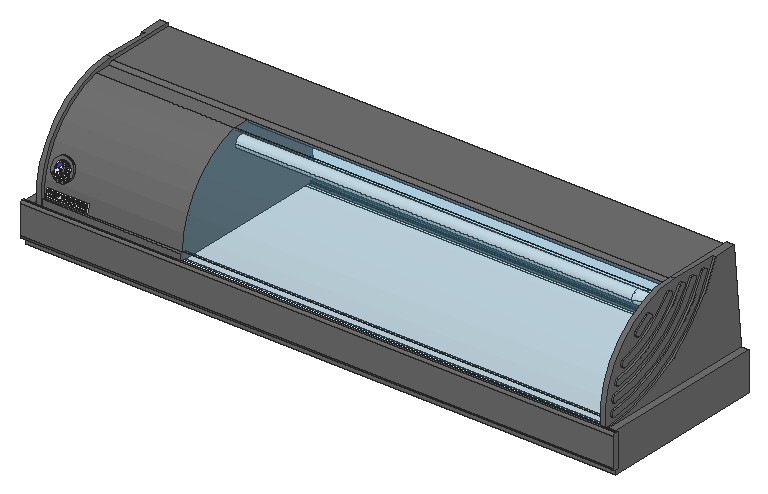
Revit family "QF_HOSHIZAKI_HNC-120BE-L-BH", category Specialty Equipment, Revit 2016
Family settings
  Part Type = Normal
  Round Connector Dimension = Use Diameter
  OmniClass Number = 23.40.40.14
  OmniClass Title = Food Service Equipment
  Work Plane-Based = No
  Always vertical = Yes
  Cut with Voids When Loaded = No
  Shared = No
  Room Calculation Point = No
Parameters (values of type "HNC-120BE-L-BH_230V/1Ph/50Hz")
  Weight = 32.00 kg
  Waste Remarks [instance] = ""
  Volts = 230 V
  URL Cutsheet = ""
  URL = "www.hoshizaki-europe.com"
  Status [instance] = ""
  Specification by User [instance] = ""
  Specification by Manufacturer [instance] = ""
  Serial Number = ""
  Seismic Rating = ""
  SMACNA No = ""
  Revision Code [instance] = ""
  Phase = 1
  Number of Poles = 2
  NAFEM Spec ID Number = ""
  Model = "HNC-120BE-L-BH"
  Min Ckt Ampacity = 0 A
  Max Overcurrent Protection = 0 A
  Masterspec = ""
  Manufacturer = "HOSHIZAKI"
  Length Actual = 1200 mm
  Item Number [instance] = ""
  Installed By [instance] = ""
  Indirect Waste Size = 50.8 mm
  Indirect Waste Connection Type [instance] = ""
  Indirect Waste Connection Height [instance] = 23 mm
  Identify Quantity as Lot [instance] = no
  Height Actual = 270 mm
  HP power = ""
  Furnished By [instance] = ""
  Foodservice Equipment Identifier [instance] = yes
  FL Amps = 0.6 A
  Electric power = 140 W
  Electric Connection Type [instance] = ""
  Elec Conn RI Height [instance] = 0 mm
  Elec Conn Connection Height [instance] = 19 mm
  Direct Waste RI Height [instance] = 0 mm
  Description = "SUSHI CASE, LEFT SIDED - BLACK"
  Depth Actual = 345 mm
  Cycle = 50 Hz
  Cost = 0
  Conn Plug = ""
  Conn Conduit = no
  CSI MasterFormat = ""
  Assembly Code = "E1090320"
  Apparent Power = 140 VA
  Accessory = no
Reference planes
  plane 1 "Center (Front/Back)": y = 0
  plane 2: z = 0
  plane 3 "Center (Left/Right)": x = 0
Forms (mm)
  Extrusion 1, solid, not visible
    sketch origin (29, -2, 18) x (1, 0, 0) y (0, 1, 0)
      loop
        line (0, 0) -> (2, 0) -> (2, 2) -> (0, 2) -> (0, 0)
    from 0 to 2
  Extrusion 2, solid, not visible
    sketch origin (1131, -2, 22) x (1, 0, 0) y (0, 1, 0)
      loop
        line (0, 0) -> (2, 0) -> (2, 2) -> (0, 2) -> (0, 0)
    from 0 to 2
Dimensions and locks
  aligned and locked: level to plane 2
Nested families
  nested 1: "QF_HOSHIZAKI_HNC-120BE-L-BH_230V_1Ph_50Hz" at (0, 0, 0), type "HNC-120BE-L-BH_230V/1Ph/50Hz"
    with Status "", Specification by User "", Show Clearance yes, Revision Code "", Number of Poles 1, Item Number "", Installed By "", Identify Quantity as Lot no, Furnished By "", Foodservice Equipment Identifier yes, Electrical Remarks "", Electric Connection Type "", Elec Conn RI Height 0 mm, Elec Conn Connection Height 19 mm, Conn Conduit yes
Connectors
  electrical at (30, 0, 19), driven by "Apparent Power", driven by "Number of Poles", driven by "Volts"
    settings: on Extrusion 1, index 1, voltage 230 V, apparent load 0 VA, apparent load phase1 140 VA, apparent load phase2 0 VA, apparent load phase3 0 VA, power factor 1, load classification "Other", number of poles 2, system type 31, power factor state 1, is connector primary yes, connector utility no, sub classification motor no, connector description "Electric connection for 'HNC-120BE-L-BH'"
  piping at (1132, 0, 23), diameter 50.8, driven by "Indirect Waste Size"
    settings: on Extrusion 2, index 2, connector inside diameter 609.6 mm, connector length 0 mm, flow factor 0, pipe flow 0.0 L/s, pressure drop 0.0 Pa, fitting loss kfactor 0, connector angle 0.00°, fixture units 0, engagement length 0 mm, angle of deflection 0.00°, flow configuration 1, flow direction 2, fitting loss method 0, system type 16, joint type 0, gender type 0, connector reference index -1, connector utility 0, adjustable connector no, is connector primary yes, connector description "Drain connection for 'HNC-120BE-L-BH'"
Definition of nested family "QF_HOSHIZAKI_HNC-120BE-L-BH_230V_1Ph_50Hz"
  Parameters (values of type "HNC-120BE-L-BH_230V/1Ph/50Hz")
    Weight in Pounds = 70.5478
    Electric power = 150 W
    Volts = 230 V
    URL Cutsheet = "www.hoshizaki-europe.com"
    URL = "www.hoshizaki-europe.com"
    Status [instance] = ""
    Specification by User [instance] = ""
    Specification by Manufacturer = ""
    Show Logo = yes
    Show Clearance [instance] = yes
    Serial Number = ""
    Seismic Rating = ""
    SMACNA No = ""
    Revision Code [instance] = ""
    Phase = 1
    Number of Poles [instance] = 1
    NAFEM Spec ID Number = ""
    Model = "HNC-120BE-L-BH"
    Min Ckt Ampacity = 0 A
    Max Overcurrent Protection = 0 A
    Masterspec = ""
    Manufacturer = "HOSHIZAKI"
    Item Number [instance] = ""
    Installed By [instance] = ""
    Identify Quantity as Lot [instance] = no
    HP power = "0.201153000000"
    Furnished By [instance] = ""
    Foodservice Equipment Identifier [instance] = yes
    FL Amps = 20 A
    Electrical Remarks [instance] = ""
    Electric Connection Type [instance] = ""
    Elec Conn RI Height [instance] = 0 mm
    Elec Conn Connection Height [instance] = 19 mm
    Description = "SUSHI CASE, LEFT SIDED - BLACK"
    Cycle = 50 Hz
    Conn Plug = ""
    Conn Conduit [instance] = yes
    CSI MasterFormat = ""
    Assembly Code = "E1090320"
    Apparent Power = 150 VA
  Reference planes
    plane 1 "Back": y = 0
    plane 2: z = 0
    plane 3 "Left": x = 0
    plane 4 "Right": x = 1200
    plane 5 "Front": y = -345
    plane 6 "Top": z = 270
  Forms (mm)
    Extrusion 1, solid
      sketch origin (0, 0, 0) x (0, 1, 0) y (0, 0, 1)
        loop
          line (-335, 11.612) -> (-335, 78.923) -> (-340, 78.923)
          arc (-340, 78.923) -> (-343.536, 77.458) -> (-345, 73.923) r 5
          line (-345, 73.923) -> (-345, 16.612)
          arc (-345, 16.612) -> (-343.536, 13.076) -> (-340, 11.612) r 5
          line (-340, 11.612) -> (-335, 11.612)
      from 0 to 1200
    Extrusion 2, solid
      sketch origin (4, 0, 0) x (0, 1, 0) y (0, 0, 1)
        loop
          line (0, 0) -> (0, 45.267) -> (-335, 45.267) -> (-335, 0) -> (0, 0)
      from 1192 to 0
    Extrusion 3, solid
      sketch origin (1180, 0, 0) x (0, 1, 0) y (0, 0, -1)
        loop
          arc (-335, -77.311) -> (-168.876, -131.23) -> (-62.821, -270) r 293.422
          line (-62.821, -270) -> (-16.482, -270) -> (0, -81.612) -> (0, -45.267) -> (-335, -45.267) -> (-335, -77.311)
        loop
          arc (-83.709, -252.219) -> (-178.479, -139.765) -> (-317.08, -90.602) r 280.922
          arc (-317.08, -90.602) -> (-323.161, -96.407) -> (-318.029, -103.066) r 6.285
          arc (-318.029, -103.066) -> (-185.592, -150.044) -> (-95.039, -257.5) r 268.422
          arc (-95.039, -257.5) -> (-87.673, -258.508) -> (-83.709, -252.219) r 6.865
        loop
          arc (-111.859, -251.686) -> (-195.78, -158.227) -> (-314.06, -115.953) r 255.922
          arc (-314.06, -115.953) -> (-320.31, -121.62) -> (-315.28, -128.393) r 6.28
          arc (-315.28, -128.393) -> (-202.759, -168.597) -> (-122.925, -257.5) r 243.422
          arc (-122.925, -257.5) -> (-115.571, -258.059) -> (-111.859, -251.686) r 6.947
        loop
          arc (-140.937, -251.021) -> (-211.328, -177.909) -> (-306.269, -142.04) r 230.922
          arc (-306.269, -142.04) -> (-312.519, -147.451) -> (-308.057, -154.411) r 6.315
          arc (-308.057, -154.411) -> (-218.228, -188.332) -> (-151.626, -257.5) r 218.422
          arc (-151.626, -257.5) -> (-143.81, -258.338) -> (-140.937, -251.021) r 6.48
        loop
          arc (-173, -248.071) -> (-226.037, -198.16) -> (-293.13, -169.833) r 205.922
          arc (-293.13, -169.833) -> (-298.352, -176.046) -> (-293.527, -182.572) r 6.554
          arc (-293.527, -182.572) -> (-231.849, -209.297) -> (-183.042, -255.516) r 193.422
          arc (-183.042, -255.516) -> (-175.054, -255.795) -> (-173, -248.071) r 6.411
        loop
          arc (-225.482, -229.368) -> (-239.933, -218.945) -> (-255.34, -209.993) r 180.922
          arc (-255.34, -209.993) -> (-262.519, -213.318) -> (-261.08, -221.097) r 6.452
          arc (-261.08, -221.097) -> (-246.737, -229.431) -> (-233.285, -239.134) r 168.422
          arc (-233.285, -239.134) -> (-225.701, -237.193) -> (-225.482, -229.368) r 6.501
      from 0 to 5
    Extrusion 4, solid
      sketch origin (1175, 0, 0) x (0, 1, 0) y (0, 0, -1)
        loop
          line (-335, -45.267) -> (-335, -77.311)
          arc (-335, -77.311) -> (-288.48, -212.569) -> (-157.482, -270) r 178.115
          line (-157.482, -270) -> (-16.482, -270) -> (0, -81.612) -> (0, -45.267) -> (-335, -45.267)
      from 0 to 10
    Extrusion 5, solid
      sketch origin (20, 0, 0) x (0, 1, 0) y (0, 0, 1)
        loop
          line (-335, 77.311) -> (-335, 45.267) -> (0, 45.267) -> (0, 81.612) -> (-16.482, 270) -> (-62.821, 270)
          arc (-62.821, 270) -> (-168.876, 131.23) -> (-335, 77.311) r 293.422
        loop
          arc (-83.709, 252.219) -> (-87.673, 258.508) -> (-95.039, 257.5) r 6.865
          arc (-95.039, 257.5) -> (-185.592, 150.044) -> (-318.029, 103.066) r 268.422
          arc (-318.029, 103.066) -> (-323.161, 96.407) -> (-317.08, 90.602) r 6.285
          arc (-317.08, 90.602) -> (-178.479, 139.765) -> (-83.709, 252.219) r 280.922
        loop
          arc (-111.859, 251.686) -> (-115.571, 258.059) -> (-122.925, 257.5) r 6.947
          arc (-122.925, 257.5) -> (-202.759, 168.597) -> (-315.28, 128.393) r 243.422
          arc (-315.28, 128.393) -> (-320.31, 121.62) -> (-314.06, 115.953) r 6.28
          arc (-314.06, 115.953) -> (-195.78, 158.227) -> (-111.859, 251.686) r 255.922
        loop
          arc (-140.937, 251.021) -> (-143.81, 258.338) -> (-151.626, 257.5) r 6.48
          arc (-151.626, 257.5) -> (-218.228, 188.332) -> (-308.057, 154.411) r 218.422
          arc (-308.057, 154.411) -> (-312.519, 147.451) -> (-306.269, 142.04) r 6.315
          arc (-306.269, 142.04) -> (-211.328, 177.909) -> (-140.937, 251.021) r 230.922
        loop
          arc (-173, 248.071) -> (-175.054, 255.795) -> (-183.042, 255.516) r 6.411
          arc (-183.042, 255.516) -> (-231.849, 209.297) -> (-293.527, 182.572) r 193.422
          arc (-293.527, 182.572) -> (-298.352, 176.046) -> (-293.13, 169.833) r 6.554
          arc (-293.13, 169.833) -> (-226.037, 198.16) -> (-173, 248.071) r 205.922
        loop
          arc (-225.482, 229.368) -> (-225.701, 237.193) -> (-233.285, 239.134) r 6.501
          arc (-233.285, 239.134) -> (-246.737, 229.431) -> (-261.08, 221.097) r 168.422
          arc (-261.08, 221.097) -> (-262.519, 213.318) -> (-255.34, 209.993) r 6.452
          arc (-255.34, 209.993) -> (-239.933, 218.945) -> (-225.482, 229.368) r 180.922
      from 0 to 5
    Extrusion 6, solid
      sketch origin (25, 0, 0) x (0, 1, 0) y (0, 0, 1)
        loop
          line (-335, 45.267) -> (0, 45.267) -> (0, 81.612) -> (-16.482, 270) -> (-157.482, 270)
          arc (-157.482, 270) -> (-288.48, 212.569) -> (-335, 77.311) r 178.115
          line (-335, 77.311) -> (-335, 45.267)
      from 0 to 10
    Extrusion 7, solid
      sketch origin (0, 0, 0) x (0, 1, 0) y (0, 0, 1)
        loop
          line (-335.005, 77.311) -> (-9.983, 77.311) -> (-9.983, 45.267) -> (0, 45.267) -> (0, 81.612) -> (-15.607, 260) -> (-198.787, 260)
          arc (-198.787, 260) -> (-293.716, 198.698) -> (-330.597, 91.885) r 173.115
          line (-330.597, 91.885) -> (-335.597, 91.885) -> (-335.005, 77.311)
      from 35 to 317
    Extrusion 8, solid
      sketch origin (0, 0, 0) x (0, 1, 0) y (0, 0, 1)
        loop
          line (-9.983, 45.267) -> (-9.983, 67.293)
          arc (-9.983, 67.293) -> (-12.951, 74.377) -> (-20.035, 77.311) r 10.017
          line (-20.035, 77.311) -> (-324.983, 77.311)
          arc (-324.983, 77.311) -> (-332.066, 74.377) -> (-335, 67.293) r 10.017
          line (-335, 67.293) -> (-335, 45.267) -> (-9.983, 45.267)
      from 35 to 1165
    Extrusion 9, solid
      sketch origin (0, 0, 0) x (0, 1, 0) y (0, 0, 1)
        loop
          line (-16.044, 265) -> (-157.482, 265)
          arc (-157.482, 265) -> (-162.482, 263.66) -> (-166.142, 260) r 10
          line (-166.142, 260) -> (-166.142, 255) -> (-15.169, 255) -> (-16.044, 265)
      from 35 to 1165
    Extrusion 10, solid
      sketch origin (0, 0, 0) x (0, 1, 0) y (0, 0, 1)
        loop
          line (-166.142, 260) -> (-198.787, 260)
          arc (-198.787, 260) -> (-293.716, 198.698) -> (-330.597, 91.885) r 173.115
          line (-330.597, 91.885) -> (-330.597, 77.395) -> (-325.597, 77.395) -> (-325.597, 91.885)
          arc (-325.597, 91.885) -> (-289.967, 195.377) -> (-198.178, 255) r 168.115
          line (-198.178, 255) -> (-166.142, 255) -> (-166.142, 260)
      from 317 to 1165
    Sweep 11, solid
      path origin (0, 0, 230) x (1, 0, 0) y (0, 1, 0)
        loop
          line (1072.551, -50.66) -> (1112.551, -50.66)
          arc (1112.551, -50.66) -> (1140.051, -62.051) -> (1151.442, -89.551) r 38.891
          line (1151.442, -89.551) -> (1151.442, -153.787)
          arc (1151.442, -153.787) -> (1142.122, -176.287) -> (1119.622, -185.607) r 31.82
          line (1119.622, -185.607) -> (317, -185.607)
      profile origin (1092.551, -50.66, 230) x (0, 1, 0) y (0, 0, 1)
        loop
          circle (0, 0) r 12.5
    Extrusion 12, solid
      sketch origin (0, 0, 0) x (0, 1, 0) y (0, 0, 1)
        loop
          line (0, 45.267) -> (0, 81.612) -> (-1.743, 101.536) -> (-6.743, 101.536) -> (-5, 81.612) -> (-5, 77.311) -> (-10, 77.311) -> (-10, 45.267) -> (0, 45.267)
      from 317 to 1165
    Extrusion 13, solid
      sketch origin (0, 0, 0) x (0, 1, 0) y (0, 0, 1)
        loop
          line (-6.743, 101.536) -> (-1.743, 101.536) -> (-15.169, 255) -> (-20.169, 255) -> (-6.743, 101.536)
      from 1150 to 1165
    Extrusion 14, solid
      sketch origin (0, 0, 0) x (0, 1, 0) y (0, 0, 1)
        loop
          line (-5, 77.311) -> (-5, 81.612) -> (-20.169, 255) -> (-25.169, 255) -> (-9.917, 80.666) -> (-9.917, 77.311) -> (-5, 77.311)
      from 317 to 1165
    Extrusion 15, solid
      sketch origin (0, 0, 0) x (1, 0, 0) y (0, 0, 1)
        loop
          line (20, 45.267) -> (20, 78.923) -> (4, 78.923) -> (4, 45.267) -> (20, 45.267)
      from 0 to 335
    Extrusion 16, solid
      sketch origin (1180, 0, 0) x (1, 0, 0) y (0, 0, 1)
        loop
          line (16, 45.267) -> (16, 78.923) -> (0, 78.923) -> (0, 45.267) -> (16, 45.267)
      from 0 to 335
    Extrusion 17, solid
      sketch origin (30, 5, 19) x (1, 0, 0) y (0, 0, 1)
        loop
          circle (0, 0) r 5
      from 0 to 5
    Extrusion 18, solid, visible <- "Show Logo"
      sketch origin (-4.782, -388.469, -502.616) x (1, 0, 0) y (0, 0.087156, 0.996195)
        loop
          line (55.338, 616.136) -> (55.338, 615.183) -> (56.401, 614.569) -> (56.401, 609.537) -> (55.338, 608.924) -> (55.338, 607.971) -> (59.638, 607.971) -> (59.638, 608.924) -> (58.286, 609.537) -> (58.286, 611.434) -> (61.704, 611.434) -> (61.704, 609.537) -> (60.353, 608.924) -> (60.353, 607.971) -> (64.652, 607.971) -> (64.652, 608.924) -> (63.589, 609.537) -> (63.589, 614.569) -> (64.652, 615.183) -> (64.652, 616.136) -> (60.353, 616.136) -> (60.353, 615.183) -> (61.704, 614.569) -> (61.704, 612.924) -> (58.286, 612.924) -> (58.286, 614.569) -> (59.638, 615.183) -> (59.638, 616.136) -> (55.338, 616.136)
        loop
          spline (69.001, 608.002) -> (70.129, 608.14) -> (71.179, 608.547) -> (72.081, 609.193) -> (72.773, 610.035) -> (73.209, 611.016) -> (73.357, 612.069) -> (73.209, 613.121) -> (72.773, 614.102) -> (72.081, 614.944) -> (71.179, 615.591) -> (70.129, 615.997) -> (69.001, 616.136)
          spline (69.001, 616.136) -> (67.874, 615.997) -> (66.824, 615.591) -> (65.922, 614.944) -> (65.229, 614.102) -> (64.794, 613.121) -> (64.646, 612.069) -> (64.794, 611.016) -> (65.229, 610.035) -> (65.922, 609.193) -> (66.824, 608.547) -> (67.874, 608.14) -> (69.001, 608.002)
        loop
          spline (68.927, 609) -> (69.484, 609.105) -> (70.004, 609.411) -> (70.45, 609.899) -> (70.792, 610.534) -> (71.007, 611.274) -> (71.08, 612.069) -> (71.007, 612.863) -> (70.792, 613.603) -> (70.45, 614.239) -> (70.004, 614.726) -> (69.484, 615.033) -> (68.927, 615.137)
          spline (68.927, 615.137) -> (68.37, 615.033) -> (67.851, 614.726) -> (67.405, 614.239) -> (67.063, 613.603) -> (66.847, 612.863) -> (66.774, 612.069) -> (66.847, 611.274) -> (67.063, 610.534) -> (67.405, 609.899) -> (67.851, 609.411) -> (68.37, 609.105) -> (68.927, 609)
        loop
          line (81.179, 616.194) -> (79.474, 615.758)
          arc (79.474, 615.758) -> (77.281, 616.22) -> (75.089, 615.753) r 5.403
          arc (75.089, 615.753) -> (73.886, 613.9) -> (75.089, 612.047) r 2.029
          line (75.089, 612.047) -> (78.971, 610.634)
          arc (78.971, 610.634) -> (79.436, 609.97) -> (78.971, 609.307) r 0.706
          arc (78.971, 609.307) -> (77.855, 609.11) -> (76.74, 609.307) r 3.262
          line (76.74, 609.307) -> (75.274, 610.772) -> (73.787, 610.772) -> (73.787, 608.097) -> (75.666, 608.577)
          arc (75.666, 608.577) -> (78.223, 607.78) -> (80.78, 608.577) r 4.5
          arc (80.78, 608.577) -> (81.48, 610.43) -> (80.78, 612.283) r 2.804
          line (80.78, 612.283) -> (76.487, 613.433)
          arc (76.487, 613.433) -> (75.882, 614.221) -> (76.487, 615.009) r 0.816
          arc (76.487, 615.009) -> (77.614, 615.157) -> (78.742, 615.009) r 4.357
          line (78.742, 615.009) -> (79.927, 613.433) -> (81.179, 613.433) -> (81.179, 616.194)
        loop
          line (82.271, 616.136) -> (82.271, 615.183) -> (83.334, 614.569) -> (83.334, 609.537) -> (82.271, 608.924) -> (82.271, 607.971) -> (86.57, 607.971) -> (86.57, 608.924) -> (85.219, 609.537) -> (85.219, 611.434) -> (88.636, 611.434) -> (88.636, 609.537) -> (87.285, 608.924) -> (87.285, 607.971) -> (91.585, 607.971) -> (91.585, 608.924) -> (90.522, 609.537) -> (90.522, 614.569) -> (91.585, 615.183) -> (91.585, 616.136) -> (87.285, 616.136) -> (87.285, 615.183) -> (88.636, 614.569) -> (88.636, 612.924) -> (85.219, 612.924) -> (85.219, 614.569) -> (86.57, 615.183) -> (86.57, 616.136) -> (82.271, 616.136)
        loop
          line (96.706, 616.136) -> (92.416, 616.136) -> (92.416, 615.183) -> (93.479, 614.569) -> (93.479, 609.537) -> (92.416, 608.924) -> (92.416, 607.971) -> (96.706, 607.971) -> (96.706, 608.924) -> (95.643, 609.537) -> (95.643, 614.569) -> (96.706, 615.183) -> (96.706, 616.136)
        loop
          line (97.667, 616.136) -> (97.667, 612.671) -> (98.907, 612.671) -> (98.907, 614.463) -> (99.558, 615.114) -> (102.547, 615.114) -> (97.667, 609.299) -> (97.667, 607.971) -> (104.908, 607.971) -> (104.908, 611.273) -> (103.649, 611.273) -> (103.649, 609.958) -> (102.708, 609.299) -> (100.239, 609.299) -> (104.908, 614.862) -> (104.908, 616.136) -> (97.667, 616.136)
        loop
          line (105.624, 607.971) -> (109.33, 607.971) -> (109.33, 609.028) -> (107.454, 609.028) -> (108.104, 610.636) -> (111.138, 610.636) -> (111.792, 609.702) -> (111.119, 609.028) -> (110.298, 609.028) -> (110.298, 607.971) -> (114.469, 607.971) -> (114.469, 609.299) -> (110.933, 616.136) -> (109.33, 616.136) -> (106.458, 609.028) -> (105.624, 609.028) -> (105.624, 607.971)
        loop
          line (114.779, 616.136) -> (114.779, 615.083) -> (116.046, 615.083) -> (116.046, 609.299) -> (114.99, 609.299) -> (114.99, 607.971) -> (118.696, 607.971) -> (117.926, 609.461) -> (117.926, 610.349) -> (119.101, 611.525) -> (121.327, 609.299) -> (120.053, 609.299) -> (120.053, 607.971) -> (124.657, 607.971) -> (124.657, 609.299) -> (123.759, 609.299) -> (120.592, 613.016) -> (122.659, 615.083) -> (123.759, 615.083) -> (123.759, 616.136) -> (120.053, 616.136) -> (120.053, 615.083) -> (121.071, 615.083) -> (117.926, 611.937) -> (118.696, 615.083) -> (118.696, 616.136) -> (114.779, 616.136)
        loop
          line (129.485, 616.136) -> (125.196, 616.136) -> (125.196, 615.183) -> (126.259, 614.569) -> (126.259, 609.537) -> (125.196, 608.924) -> (125.196, 607.971) -> (129.485, 607.971) -> (129.485, 608.924) -> (128.422, 609.537) -> (128.422, 614.569) -> (129.485, 615.183) -> (129.485, 616.136)
        loop
          line (109.583, 614.299) -> (108.553, 611.748) -> (110.666, 611.748) -> (109.583, 614.299)
        loop
          line (52.372, 617.338) -> (52.372, 606.471) -> (131.113, 606.471) -> (131.113, 617.338) -> (52.372, 617.338)
        loop
          line (133.113, 619.338) -> (50.372, 619.338) -> (50.372, 604.471) -> (133.113, 604.471) -> (133.113, 619.338)
      from -1 to 1
    Extrusion 19, solid, visible <- "Show Logo"
      sketch origin (5.218, -389.714, -522.584) x (1, 0, 0) y (0, 0.087156, 0.996195)
        loop
          line (42.372, 637.338) -> (42.372, 626.471) -> (121.113, 626.471) -> (121.113, 637.338) -> (42.372, 637.338)
      from -1 to 1
    Extrusion 20, solid, visible <- "Show Logo"
      sketch origin (529.533, -1020.82, -1575.102) x (-1, 0, 0) y (0, -0.374607, -0.927184)
        loop
          circle (459.884, -1862.5) r 13.99
      from 0 to 2.5
    Extrusion 21, solid, visible <- "Show Logo"
      sketch origin (529.533, -1021.284, -1574.915) x (-1, 0, 0) y (0, -0.374607, -0.927184)
        loop
          circle (459.884, -1862.5) r 15
        loop
          arc (446.884, -1862.5) -> (460.705, -1875.474) -> (472.781, -1860.863) r 13
          line (472.781, -1860.863) -> (470.355, -1858.437) -> (469.346, -1862.201) -> (466.355, -1863.928) -> (465.024, -1865.26) -> (463.375, -1865.26) -> (462.04, -1870.241) -> (457.755, -1870.241) -> (459.339, -1867.979) -> (460.402, -1864.014) -> (461.224, -1860.945) -> (462.416, -1856.497) -> (461.216, -1855.297) -> (459.433, -1857.843) -> (455.784, -1851.523) -> (460.361, -1851.523) -> (461.471, -1853.446) -> (469.213, -1853.446)
          arc (469.213, -1853.446) -> (460.394, -1849.51) -> (451.293, -1852.743) r 13
          line (451.293, -1852.743) -> (455.577, -1853.891) -> (453.752, -1856.497) -> (455.349, -1856.497) -> (454.477, -1866.459) -> (452.538, -1866.459) -> (446.884, -1862.5)
        loop
          line (447.853, -1857.467) -> (452.313, -1861.926) -> (450.144, -1853.891)
          arc (450.144, -1853.891) -> (448.878, -1855.602) -> (447.853, -1857.467) r 15.828
        loop
          line (463.583, -1862.877) -> (466.64, -1862.399) -> (464.901, -1861.285) -> (463.583, -1857.664) -> (463.583, -1862.877)
        loop
          line (464.827, -1855.979) -> (468.296, -1856.908) -> (469.573, -1854.916) -> (468.881, -1854.224) -> (467.914, -1855.035) -> (464.827, -1855.979)
        loop
          line (462.609, -1872.307) -> (462.609, -1874.009) -> (464.927, -1873.388) -> (462.609, -1872.307)
        loop
          line (460.361, -1874.662) -> (459.594, -1873.335) -> (460.801, -1872.638) -> (459.186, -1872.205) -> (458.298, -1874.11) -> (460.361, -1874.662)
        loop
          line (459.623, -1846.783) -> (460.706, -1845.701) -> (462.247, -1845.701) -> (461.191, -1844.645) -> (461.503, -1842.874) -> (459.623, -1843.959) -> (457.743, -1842.874) -> (458.055, -1844.645) -> (456.999, -1845.701) -> (458.54, -1845.701) -> (459.623, -1846.783)
        loop
          line (446.86, -1853.7) -> (446.594, -1852.191) -> (447.478, -1850.929) -> (446.007, -1851.188) -> (444.736, -1849.917) -> (444.547, -1852.08) -> (442.579, -1852.997) -> (444.209, -1853.757) -> (444.468, -1855.228) -> (445.352, -1853.965) -> (446.86, -1853.7)
        loop
          line (452.395, -1848.68) -> (452.856, -1847.219) -> (454.223, -1846.508) -> (452.799, -1846.059) -> (452.258, -1844.344) -> (451.091, -1846.175) -> (448.922, -1846.08) -> (450.017, -1847.507) -> (449.568, -1848.931) -> (450.935, -1848.219) -> (452.395, -1848.68)
        loop
          line (472.909, -1853.7) -> (474.417, -1853.965) -> (475.301, -1855.228) -> (475.56, -1853.757) -> (477.19, -1852.997) -> (475.222, -1852.08) -> (475.033, -1849.917) -> (473.761, -1851.188) -> (472.291, -1850.929) -> (473.175, -1852.191) -> (472.909, -1853.7)
        loop
          line (467.374, -1848.68) -> (468.834, -1848.219) -> (470.201, -1848.931) -> (469.752, -1847.507) -> (470.847, -1846.08) -> (468.678, -1846.175) -> (467.511, -1844.344) -> (466.97, -1846.059) -> (465.546, -1846.508) -> (466.913, -1847.219) -> (467.374, -1848.68)
      from 0 to 2.5
    Extrusion 22, solid, visible <- "Show Logo"
      sketch origin (529.533, -1021.284, -1574.915) x (-1, 0, 0) y (0, -0.374607, -0.927184)
        loop
          line (462.609, -1874.009) -> (462.609, -1872.307) -> (462.085, -1870.241) -> (457.755, -1870.241) -> (459.339, -1867.979) -> (462.416, -1856.497) -> (461.216, -1855.297) -> (459.433, -1857.843) -> (455.808, -1851.565) -> (453.948, -1851.565) -> (455.577, -1853.891) -> (454.477, -1866.459) -> (456.345, -1871.339)
          arc (456.345, -1871.339) -> (456.868, -1874.025) -> (459.213, -1875.435) r 3.366
          arc (459.213, -1875.435) -> (460.198, -1875.496) -> (461.183, -1875.435) r 8.046
          line (461.183, -1875.435) -> (462.609, -1874.009)
        loop
          line (456.854, -1851.523) -> (460.361, -1851.523) -> (460.916, -1852.485) -> (462.702, -1852.485) -> (463.779, -1851.407) -> (460.623, -1851.407) -> (461.563, -1850.468) -> (456.245, -1850.468) -> (456.854, -1851.523)
        loop
          line (460.361, -1874.662) -> (459.594, -1873.335) -> (460.801, -1872.638) -> (459.186, -1872.205) -> (458.298, -1874.11) -> (460.361, -1874.662)
      from 0 to 2.5
    Extrusion 23, solid, visible <- "Show Logo"
      sketch origin (515.149, -534.244, -370.783) x (-1, 0, 0) y (0, -0.374607, -0.927184)
        loop
          circle (445.5, -563.6) r 22.5
      from 0 to 2
  Cuts and joins
    joined: Extrusion 7, Extrusion 9
    joined: Extrusion 3, Extrusion 4
    joined: Extrusion 5, Extrusion 6
    joined: Extrusion 12, Extrusion 13
    joined: Extrusion 2, Extrusion 15, Extrusion 16
  Lines and regions (mm)
    symbolic lines
      curve 1: line (0, -335, 0) -> (0, -345, 0)
      curve 2: line (0, -345, 0) -> (1200, -345, 0)
      curve 3: line (1200, -345, 0) -> (1200, -335, 0)
      curve 4: line (1200, -335, 0) -> (1196, -335, 0)
      curve 5: line (1196, -335, 0) -> (1196, 0, 0)
      curve 6: line (1196, 0, 0) -> (4, 0, 0)
      curve 7: line (35, 0, 0) -> (35, 5, 0)
      curve 8: line (35, 5, 0) -> (25, 5, 0)
      curve 9: line (25, 5, 0) -> (25, 0, 0)
      curve 10: line (4, 0, 0) -> (4, -335, 0)
      curve 11: line (4, -335, 0) -> (0, -335, 0)
      curve 12: line (4, -335, 0) -> (1196, -335, 0)
      curve 13: line (1165, -335, 0) -> (1165, 0, 0)
      curve 14: line (35, -335, 0) -> (35, 0, 0)
      curve 15: line (317, 0, 0) -> (317, -335, 0)
      curve 16: line (1165, -166.142, 0) -> (317, -166.142, 0)
  Dimensions and locks
    aligned and locked: level to plane 2
  Connectors
    electrical at (30, 5, 19), driven by "Apparent Power", driven by "Volts", driven by "Number of Poles"
      settings: on Extrusion 17, index 1, voltage 230 V, apparent load 0 VA, apparent load phase1 150 VA, apparent load phase2 0 VA, apparent load phase3 0 VA, power factor 1, load classification none, number of poles 1, system type 31, power factor state 1, is connector primary yes, connector utility no, sub classification motor no, connector description "Electrical Connection"
